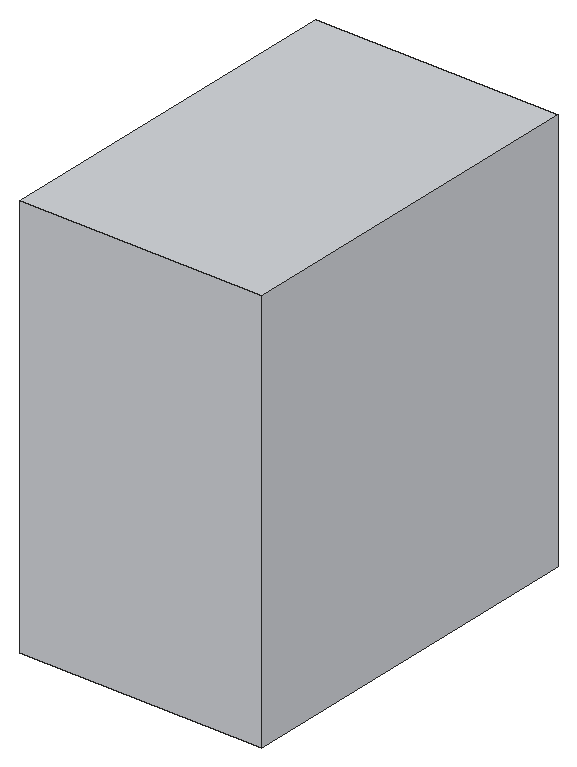
Revit family
Parameters
  Warranty Duration (Years) = 0
  Unit Width [instance] = 1' - 5 1/4"
  Unit Height [instance] = 4' - 8"
  Unit Depth = 0' - 0 1/4"
  URL = "http://www.americanspecialties.com/viewCategories.cfm"
  Trim Material = Metal - Stainless Steel
  Test Data = ""
  Specification = "http://www.arcat.com/sdspecs/htm/10810asi.htm"
  SpecWizard = ""
  Send Message = "http://www.arcat.com/users.pl?action=UserEmail&company=American%20Specialties,%20Inc.&coid=30448&rep=139&fax=914-476-0688&mf="
  Sales Information = "http://www.americanspecialties.com/contact"
  Revision = "R1_10-2010"
  Product Properties = "http://www.americanspecialties.com/datasheets/0469-BL.pdf"
  Product Data = "http://www.arcat.com/arcatcos/cos30/arc30448.html"
  Model = "As Specified in 10 28 13"
  Manufacturer Website = "http://www.americanspecialties.com/viewCategories.cfm"
  Manufacturer Phone - Toll Free = ""
  Manufacturer Phone = "914-476-9000 "
  Manufacturer Fax = "914-476-0688"
  Manufacturer Address = "441 Saw Mill River Rd., Yonkers, NY 10701"
  Manufacturer = "American Specialties, Inc."
  Maintenance Schedule (Months) = 0
  Keynote = "10 28 13"
  Installation-Fabrication = "http://www.americanspecialties.com/products.cfm"
  Green Building-LEED = ""
  Expected Lifespan (Years) = 0
  Drawn By = "Robert S. Weygant. CSI, CDT, SCIP"  # constant formula
  Description = "Toilet Accessory as Specified in 10 28 13"
  Default Elevation = 4' - 0"
  Copyright = "©Arcat Inc."
  Construction Details = "http://www.arcat.com/green/clients/leed_data_30448.html"
  Building Codes = "http://www.americanspecialties.com/products.cfm"
  Body Material = Metal - Stainless Steel
  Assembly Code = "C1030210"
Reference planes (in)
  plane 1 "Center (Front/Back)": y = -0.29112
  plane 2 "Floor Line": z = 0
  plane 3 "Center (Left/Right)": x = -0.65843
Forms (in)
  Extrusion 1, solid
    sketch origin (-3, -9, -6) x (0, 0, -1) y (1, 0, 0)
      loop
        line (-82, 26) -> (-82, -19.34712) -> (-6, -19.34712) -> (-6, 26) -> (-82, 26)
    from 28.29112 to -41.06337
  Extrusion 2, solid, material "Metal - Stainless Steel" <- "Body Material"
    sketch origin (0, 4, 0) x (1, 0, 0) y (0, 1, 0)
      loop
        line (-8.28343, 22.70888) -> (-8.28343, -31.29112) -> (6.96657, -31.29112) -> (6.96657, 22.70888) -> (-8.28343, 22.70888)
    from 0 to -4
  Extrusion 3, solid, material "Metal - Stainless Steel" <- "Body Material"
    sketch origin (-0.90625, -0.29112, 0) x (1, 0, 0) y (0, 0, 1)
      loop
        line (-8.37718, 0) -> (8.87282, 0) -> (8.87282, 0.5) -> (-8.37718, 0.5) -> (-8.37718, 0)
    from -28 to 28
  Extrusion 4, void
    sketch origin (-0.65843, 6.99967, 0) x (0, 1, 0) y (0, 0, 1)
      loop
        line (0.06233, -3.92367) -> (2.70888, 0) -> (2.70888, 0.9375) -> (-11.29079, 0.9375) -> (-11.29079, -3.92367)
        arc (-11.29079, -3.92367) -> (-10.04971, -3.43623) -> (-8.80863, -3.92367) r 1.82368
        line (-8.80863, -3.92367) -> (0.06233, -3.92367)
    from -7.59375 to 7.59375
  Extrusion 5, void
    sketch origin (-36.75, 1.71773, 4.52368) x (1, 0, 0) y (0, 0.559193, 0.829038)
      loop
        arc (36.9789, -1.93171) -> (37.15918, -1.6799) -> (36.96663, -1.43734) r 0.25717
        line (36.96663, -1.43734) -> (36.21387, -1.43734)
        arc (36.21387, -1.43734) -> (33.33353, -0.76588) -> (30.45405, -1.44101) r 6.49582
        line (30.45405, -1.44101) -> (29.69611, -1.44101)
        arc (29.69611, -1.44101) -> (29.51617, -1.68772) -> (29.69972, -1.93175) r 0.25651
        line (29.69972, -1.93175) -> (30.47907, -1.93175)
        arc (30.47907, -1.93175) -> (33.3416, -2.19917) -> (36.20414, -1.93171) r 15.453
        line (36.20414, -1.93171) -> (36.9789, -1.93171)
    from -9.32112 to -9.1543
  Extrusion 6, solid, material "Metal - Stainless Steel" <- "Trim Material"
    sketch origin (-1.125, 0, -0.4375) x (1, 0, 0) y (0, 1, 0)
      loop
        circle (-5.15843, 17.70888) r 0.5
      loop
        line (-5.21525, 17.29024) -> (-5.10162, 17.29024) -> (-5.10162, 18.13975) -> (-5.21525, 18.13975) -> (-5.21525, 17.29024)
    from 0.9375 to 1
  Extrusion 7, solid, material "Metal - Stainless Steel" <- "Body Material"
    sketch origin (0, 0, 0) x (1, 0, 0) y (0, 1, 0)
      loop
        line (-8.28343, 26.70888) -> (-8.28343, 9.70856) -> (6.96657, 9.70856) -> (6.96657, 26.70888) -> (-8.28343, 26.70888)
    from 0 to 0.5
  Extrusion 8, solid, material "Metal - Stainless Steel" <- "Body Material"
    sketch origin (0, 4, 4.5) x (1, 0, 0) y (0, 1, 0)
      loop
        line (-8.28343, -8.29112) -> (-8.28343, -31.29112) -> (6.96657, -31.29112) -> (6.96657, -8.29112) -> (-8.28343, -8.29112)
    from 4 to -8.5
  Extrusion 9, void
    sketch origin (0, 0, 0) x (1, 0, 0) y (0, 1, 0)
      loop
        line (-8.25218, -4.29112) -> (-8.25218, -27.26063) -> (6.93532, -27.26063) -> (6.93532, -4.29112) -> (-8.25218, -4.29112)
    from -3.92367 to 8.49084
  Extrusion 10, solid
    sketch origin (0, -0.31703, 0.18195) x (1, 0, 0) y (0, 1, 0)
      loop
        circle (-0.65843, -2.73301) r 0.5
      loop
        line (-0.71525, -2.31436) -> (-0.71525, -3.16387) -> (-0.60162, -3.16387) -> (-0.60162, -2.31436) -> (-0.71525, -2.31436)
    from -3.73508 to -3.41965
  Extrusion 11, void
    sketch origin (0, 0, 0) x (1, 0, 0) y (0, 1, 0)
      loop
        line (-8.28343, 26.70888) -> (-8.28343, -27.26063) -> (6.93532, -27.26063) -> (6.93532, 26.70888) -> (-8.28343, 26.70888)
    from 0 to -4
Cuts and joins
  Extrusion 4, Extrusion 5, Extrusion 9 cuts Extrusion 2
  Extrusion 4, Extrusion 9 cuts Extrusion 3
  Extrusion 9 cuts Extrusion 6
  Extrusion 9 cuts Extrusion 8
Dimensions and locks (in)
  Extrusion 3 sketch curve to Extrusion 3 sketch curve = 1' - 5 1/4"
  aligned and locked: Extrusion 1 to level
  aligned and locked: cut or joined group of Extrusion 2, Extrusion 4, Extrusion 5, Extrusion 9 to cut or joined group of Extrusion 3, Extrusion 4, Extrusion 9
  aligned and locked: Extrusion 6 to cut or joined group of Extrusion 3, Extrusion 4, Extrusion 9
  aligned and locked: cut or joined group of Extrusion 3, Extrusion 4, Extrusion 9 to Extrusion 7
